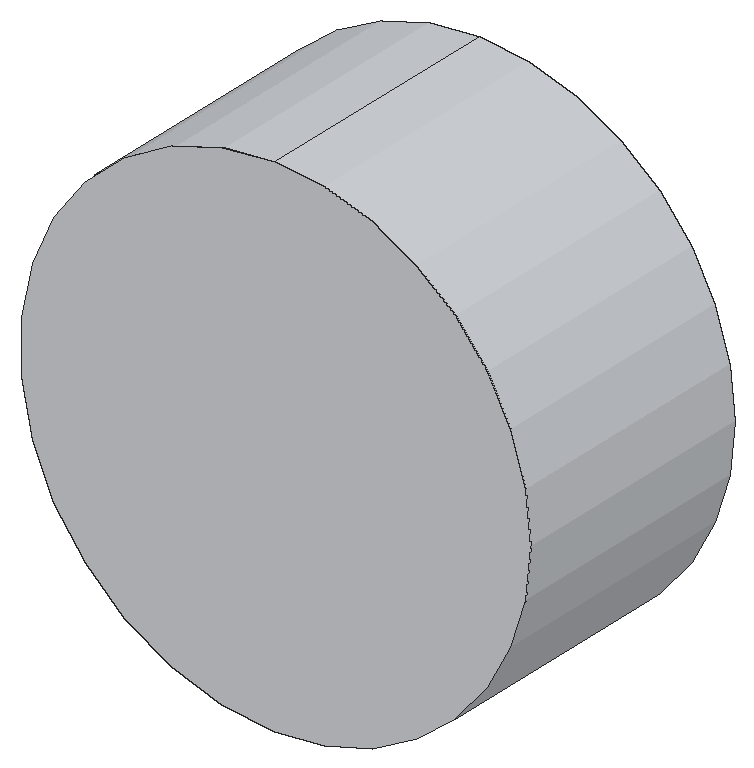
Revit family "VTDEHUMW", category Mechanical Equipment, Revit 2024
Family settings
  Round Connector Dimension = Use Diameter
  Classification = None
  Part Type = Normal
  OmniClass Number = 23.75.70.00
  OmniClass Title = HVAC Distribution Devices
  Work Plane-Based = No
  Always vertical = Yes
  Cut with Voids When Loaded = No
  Maintain Annotation Orientation = No
  Shared = No
  Room Calculation Point = No
Parameters (values of type "Standard")
  Sending System = "PRO/ENGINEER BY PARAMETRIC TECHNOLOGY CORPORATION, 2023424"
  Product Id = "PRO/ENGINEER BY PARAMETRIC TECHNOLOGY CORPORATION, 2023424"
  Part Number = "VTDEHUMW"
  Model = "VTDEHUMW"
  Minor Version = 0
  Manufacturer = "Broan Nutone Venmar"
  Major Version = 5
  Format Version = 0
  Designer = "IM"
  Design State = 1
  Description = "VTDEHUMW"
  Default Elevation = 0' - 0"
  Creation Date = "2025-01-22"
  Author = "IM"
Reference planes (in)
  plane 1 "Center (Front/Back)": y = 0
  plane 2: z = 0
  plane 3 "Center (Left/Right)": x = 0
Forms (in)
  Extrusion 1, solid
    sketch origin (1.375, 0, -2.25) x (0, 0, -1) y (1, 0, 0)
      loop
        circle (0, 0) r 0.12
    from 0 to -0.12
Dimensions and locks (in)
  aligned and locked: plane 2 to level
Connectors (in)
  electrical at (1.375, 0, -2.25)
    settings: on Extrusion 1, index 1, voltage 0 V, apparent load 0 VA, apparent load phase1 0 VA, apparent load phase2 0 VA, apparent load phase3 0 VA, power factor 1, load classification "Other", number of poles 1, system type 13, power factor state 1, is connector primary yes, connector utility no, sub classification motor no, connector description ""
